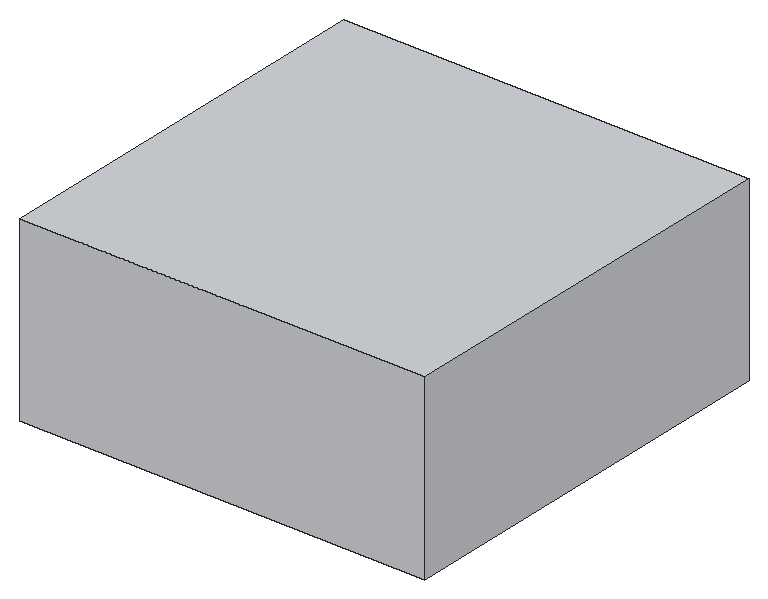
Revit family "导管接线盒 - T 形三通 - 铝", category 线管配件, Revit 2020
Family settings
  圆形连接件大小 = 使用半径
  零件类型 = T 形三通
  OmniClass 编号 = 23.80.30.17.11
  OmniClass 标题 = Conduits
  Seek 项目 ID = Conduit Junction Box - Tee - Aluminum-0000-CAN-ENU
  基于工作平面 = 否
  总是垂直 = 是
  加载时剪切的空心 = 否
  共享 = 否
Parameters (values of type "标准")
  默认高程 = 0 mm
  宽度 [instance] = 长度  # 116 mm
  公称半径 3 [instance] = 8 mm
  公称半径 2 [instance] = 8 mm
  公称半径 1 [instance] = 8 mm
  公称直径 3 [instance] = 公称半径 3 * 2  # 16 mm
  公称直径 2 [instance] = 公称半径 2 * 2  # 16 mm
  公称直径 1 [instance] = 公称半径 1 * 2  # 16 mm
  最大公称直径 13 [instance] = if(公称直径 1 > 公称直径 3, 公称直径 1, 公称直径 3)  # 16 mm
  最大公称直径 123 [instance] = if(最大公称直径 12 > 最大公称直径 13, 最大公称直径 12, 最大公称直径 13)  # 16 mm
  最大公称直径 12 [instance] = if(公称直径 1 > 公称直径 2, 公称直径 1, 公称直径 2)  # 16 mm
  高度 [instance] = if(not(最大公称直径 123 > 27 mm), 52 mm, if(最大公称直径 123 < 155 mm, 152 mm, 最大公称直径 123 * 1.2))  # 52 mm
  长度 [instance] = if(not(最大公称直径 123 > 27 mm), 116 mm, 6 * 最大公称直径 123)  # 116 mm
Reference planes
  plane 1 "中心(前/后)": y = 0
  plane 2: z = 0
  plane 3 "中心(左/右)": x = 0
  plane 4: x = -58
  plane 5: x = 58
  plane 6: y = 58
  plane 7: y = -58
  plane 8: z = 26
  plane 9: z = -26
Forms (mm)
  Extrusion 1, solid
    sketch origin (0, 0, 0) x (1, 0, 0) y (0, 1, 0)
      loop
        line (-58, 58) -> (-58, -58) -> (58, -58) -> (58, 58) -> (-58, 58)
    from -26 to 26
Dimensions and locks
  equal spacing: plane 4, plane 3 "中心(左/右)", plane 5
  "长度": plane 4 to plane 5
  equal spacing: plane 6, plane 1 "中心(前/后)", plane 7
  "宽度": plane 6 to plane 7
  equal spacing: plane 8, plane 2, plane 9
  "高度": plane 8 to plane 9
  aligned and locked: Extrusion 1 sketch curve to plane 6
  aligned and locked: plane 4 to Extrusion 1 sketch curve
  aligned and locked: plane 7 to Extrusion 1 sketch curve
  aligned and locked: Extrusion 1 sketch curve to plane 5
  aligned and locked: Extrusion 1 to plane 9
  aligned and locked: plane 8 to Extrusion 1
Connectors
  cabletrayconduit at (-58, 0, 0), diameter 16, driven by "公称半径 1"
    settings: on Extrusion 1, index 1, connector width 304.8 mm, connector height 304.8 mm, connector angle 0.00°, system type 32, placement type 0, profile type 0, connector reference index 2, is primary connector yes, connector utility param no, connector description ""
  cabletrayconduit at (58, 0, 0), diameter 16, driven by "公称半径 2"
    settings: on Extrusion 1, index 2, connector width 304.8 mm, connector height 304.8 mm, connector angle 0.00°, system type 32, placement type 0, profile type 0, connector reference index 1, is primary connector no, connector utility param no, connector description ""
  cabletrayconduit at (0, -58, 0), diameter 16, driven by "公称半径 3"
    settings: on Extrusion 1, index 3, connector width 304.8 mm, connector height 304.8 mm, connector angle 0.00°, system type 32, placement type 0, profile type 0, connector reference index -1, is primary connector no, connector utility param no, connector description ""
